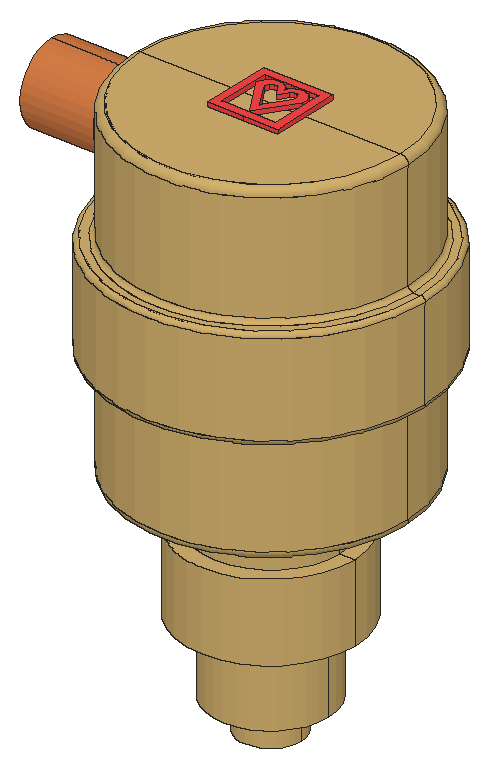
Revit family "Воздухоудалитель с функцией выпуска воздуха с обратным клапаном 2630 11 (12)", category Rohrzubehör, Revit 2019
Family settings
  Bemaßung runder Anschluss = Durchmesser verwenden
  Teiletyp = Normal
  OmniClass-Nummer = 23.65.55.14
  OmniClass-Titel = Valves for Liquid Services
  Arbeitsebenenbasiert = Nein
  Immer vertikal = Ja
  Beim Laden mit Abzugskörper schneiden = Nein
  Gemeinsam genutzt = Nein
Parameters
  Поплавок = "Полипропилен"  # constant formula
  Номер заказа [instance] = if(Nennweite = 10.000 mm, 1263011, if(Nennweite = 15.000 mm, 1263012, 0))  # 1263012
  SW = 11.000 mm  # constant formula
  SCRNSEQ = "AWI;AWI_TYP=\"1013\";1"
  SCRNCODE = "05;14;01"  # constant formula
  S05 = 19.000 mm  # constant formula
  S04 = 16.500 mm  # constant formula
  S03 = 24.500 mm  # constant formula
  S02 = 11.000 mm  # constant formula
  S01 = 56.000 mm  # constant formula
  Обратный клапан = "Латунь CW617N, EN 12165"  # constant formula
  Мин. рабочая температура = 0 °C  # constant formula
  Макс. давление на корпусе = 1000000.0 Pa  # constant formula
  Макс. рабочая температура = 110 °C  # constant formula
  URL = "www.herz-armaturen.ru"
  R02 = 0.600 mm  # constant formula
  R01 = 1.000 mm  # constant formula
  Nennweite [instance] = 15.000 mm
  Среда = "Качество  теплоносителя в соответствии с ÖNORM H5195 и/или предписаниями VDI-Standard 2035.\nРазрешается использование смеси этилен или пропиленгликоля в соотношении 25-50% с водой. Прокладки EPDM могут быть подвержены воздействию минеральных смазочных масел, что может служить причиной выхода из строя данных уплотнений. Пожалуйста, обратитесь к документации производителя, при использовании этиленгликоля и пропиленгликоля в целях защиты от замерзания."
  Макс. рабочее давление = 1000000.0 Pa  # constant formula
  L04 = L02 - L03  # 18.800 mm
  L03 = 9.500 mm  # constant formula
  L02 = 28.300 mm  # constant formula
  L01 = 4.000 mm  # constant formula
  Hersteller = "Herz-Armaturen GmbH"  # constant formula
  H11 = 10.000 mm  # constant formula
  H10 = 2.500 mm  # constant formula
  H09 [instance] = if(Nennweite = 10.000 mm, 30.000 mm, 26.000 mm)  # 26.000 mm
  H08 = H00 - 1.000 mm  # 55.000 mm
  H07 = H00 - 7.500 mm  # 48.500 mm
  H06 = 2.500 mm  # constant formula
  H05 = 9.000 mm  # constant formula
  H04 = 14.500 mm  # constant formula
  H03 = 15.500 mm  # constant formula
  H02 = 13.000 mm  # constant formula
  H01 = 9.500 mm  # constant formula
  H00 = 56.000 mm  # constant formula
  Корпус = "штампованная латунь в соответствии с EN 12165, CW617N"  # constant formula
  G1 [instance] = Nennweite / 2  # 7.500 mm
  G = 5.000 mm  # constant formula
  Уплотнение = "EPDM"  # constant formula
  Крышка корпуса = "штампованная латунь в соответствии с EN 12165, CW617N"  # constant formula
  D08 = 4.000 mm  # constant formula
  D07 = 9.000 mm  # constant formula
  D06 = 3.400 mm  # constant formula
  D05 = 5.100 mm  # constant formula
  D04 = 12.500 mm  # constant formula
  D03 = 11.000 mm  # constant formula
  D02 = 20.000 mm  # constant formula
  D01 = 17.800 mm  # constant formula
  Наружная резьба подключения = "в соответствии с ISO 228"  # constant formula
  Область применения = "Воздухоотводчик используется для удаления воздуха в системах отопления и холодоснабжения. Клапаны должны быть размещены рядом с котлом или же в самых высоких точках системы, чтобы обеспечить удаление воздуха из системы."
  Колпачок = "ABS пластик, цвет красный"  # constant formula
Reference planes
  plane 1 "Mitte (Vorne/hinten)": y = 0
  plane 2: z = 0
  plane 3 "Mitte (Links/rechts)": x = 0
Forms (mm)
  Revolve 1, solid, material "Messing", detail levels fine
    sketch origin (0, 0, 0) x (1, 0, 0) y (0, 0, 1)
      loop
        line (0, 56) -> (-16.8, 56)
        arc (-16.8, 56) -> (-17.507, 55.707) -> (-17.8, 55) r 1
        line (-17.8, 55) -> (-17.8, 41.1)
        arc (-17.8, 41.1) -> (-17.976, 40.676) -> (-18.4, 40.5) r 0.6
        line (-18.4, 40.5) -> (-19.4, 40.5)
        arc (-19.4, 40.5) -> (-19.824, 40.324) -> (-20, 39.9) r 0.6
        line (-20, 39.9) -> (-20, 28.1)
        arc (-20, 28.1) -> (-19.824, 27.676) -> (-19.4, 27.5) r 0.6
        line (-19.4, 27.5) -> (-18.4, 27.5)
        arc (-18.4, 27.5) -> (-17.976, 27.324) -> (-17.8, 26.9) r 0.6
        line (-17.8, 26.9) -> (-17.8, 14)
        arc (-17.8, 14) -> (-17.507, 13.293) -> (-16.8, 13) r 1
        line (-16.8, 13) -> (-13.8, 13) -> (-9, 9.5) -> (-5, 9.5) -> (-5, 0) -> (0, 0) -> (0, 56)
      axis (0, 56) -> (0, 0)
    angle from 0 to 360
  Revolve 2, solid, material "Messing", detail levels fine
    sketch origin (0, 0, 0) x (1, 0, 0) y (0, 0, 1)
      loop
        line (0, 48.5) -> (0, 51.9) -> (-18.8, 51.9) -> (-18.8, 48.5) -> (0, 48.5)
      axis (-18.8, 48.5) -> (0, 48.5)
    angle from 0 to 360
  Revolve 3, solid, material "Kunststoff-Orange", detail levels fine
    sketch origin (0, 0, 0) x (1, 0, 0) y (0, 0, 1)
      loop
        line (-28.3, 48.5) -> (-18.8, 48.5) -> (-18.8, 53.6) -> (-28.3, 53.6) -> (-28.3, 48.5)
      axis (-28.3, 48.5) -> (-18.8, 48.5)
    angle from 0 to 360
  Revolve 4, solid, material "Messing", detail levels fine
    sketch origin (0, 0, 0) x (1, 0, 0) y (0, 0, 1)
      loop
        line (-5, 9.5) -> (-9, 9.5) -> (-9, 7) -> (-11, 7) -> (-11, -3) -> (-7.5, -3) -> (-7.5, -12.5) -> (-4, -12.5) -> (-4, -16.5) -> (0, -16.5) -> (0, 0) -> (-5, 0) -> (-5, 9.5)
      axis (0, 9.5) -> (0, -16.5)
    angle from 0 to 360
Lines and regions (mm)
  model lines, detail levels coarse+medium
    curve 1: line (0, 0, 56) -> (-12.587, 0, 43.413)
    curve 2: line (0, 0, 56) -> (12.587, 0, 43.413)
    curve 3: circle (0, 0, 31.5) r 11 normal (0, -1, 0)
    curve 4: line (0, 0, 42.5) -> (0, 0, 56)
    curve 5: line (0, 0, 20.5) -> (0, 0, 0)
    curve 6: line (-9.5, 0, 0) -> (9.5, 0, 0)
    curve 7: line (9.5, 0, 0) -> (-8.886, 0, -16.5)
    curve 8: line (-8.886, 0, -16.5) -> (10.114, 0, -16.5)
    curve 9: circle (-8.886, 0, -16.5) r 5 normal (0, -1, 0)
    curve 10: line (0, 0, 56) -> (0, -12.587, 43.413)
    curve 11: line (0, 0, 56) -> (0, 12.587, 43.413)
    curve 12: circle (0, 0, 31.5) r 11 normal (1, 0, 0)
    curve 13: line (0, -9.5, 0) -> (0, 9.5, 0)
    curve 14: line (0, 9.5, 0) -> (0, -9.5, -16.5)
    curve 15: line (0, -9.5, -16.5) -> (0, 9.5, -16.5)
    curve 16: circle (0, -9.5, -16.5) r 5 normal (1, 0, 0)
    curve 17: line (0, 56, 0) -> (-12.587, 43.413, 0)
    curve 18: line (-12.587, 43.413, 0) -> (0, 56, 0)
    curve 19: line (0, 56, 0) -> (12.587, 43.413, 0)
    curve 20: circle (0, 31.5, 0) r 11 normal (0, 0, 1)
    curve 21: line (0, 42.5, 0) -> (0, 56, 0)
    curve 22: line (0, 20.5, 0) -> (0, 0, 0)
    curve 23: line (-9.5, 0, 0) -> (9.5, 0, 0)
    curve 24: line (9.5, 0, 0) -> (-9.5, -16.5, 0)
    curve 25: line (-9.5, -16.5, 0) -> (9.5, -16.5, 0)
    curve 26: circle (-9.5, -16.5, 0) r 5 normal (0, 0, 1)
Dimensions and locks
  "H02": Revolve 1 sketch curve to Revolve 1 sketch curve
  "H03": Revolve 1 sketch curve to Revolve 1 sketch curve
  "H04": Revolve 1 sketch curve to Revolve 1 sketch curve
  "L01": Revolve 1 sketch curve to Revolve 1 sketch curve  (x2)
  "D01": Revolve 1 sketch curve to Revolve 1 sketch curve  (x2)
  "D02": Revolve 1 sketch curve to Revolve 1 sketch curve
  "H07": Revolve 2 sketch curve to plane 2
  "D06": Revolve 2 sketch curve to Revolve 2 sketch curve
  "L02": plane 3 "Mitte (Links/rechts)" to Revolve 3 sketch curve
  "L03": Revolve 3 sketch curve to Revolve 3 sketch curve
  "D05": Revolve 3 sketch curve to Revolve 3 sketch curve
  "H07": Revolve 3 sketch curve to plane 2
  "L04": plane 3 "Mitte (Links/rechts)" to Revolve 2 sketch curve
  "H08": nested 1 to plane 2
  "G": Revolve 1 sketch curve to Revolve 1 sketch curve
  "H00": Revolve 1 sketch curve to Revolve 1 sketch curve
  "H01": Revolve 1 sketch curve to Revolve 1 sketch curve
  "G1": Revolve 4 sketch curve to Revolve 4 sketch curve
  "D07": Revolve 4 sketch curve to Revolve 4 sketch curve
  "D08": Revolve 4 sketch curve to Revolve 4 sketch curve
  "H09": Revolve 4 sketch curve to Revolve 4 sketch curve
  "H01": Revolve 4 sketch curve to Revolve 4 sketch curve  (x2)
  "H10": Revolve 4 sketch curve to Revolve 4 sketch curve
  "H11": Revolve 4 sketch curve to Revolve 4 sketch curve
  "SW": Revolve 4 sketch curve to Revolve 4 sketch curve
  "G": Revolve 4 sketch curve to Revolve 4 sketch curve
  "S01": curve 4 to plane 2
  "D01": curve 1 to curve 1
  "D01": curve 2 to curve 2
  "S03": curve 4 to curve 3
  "S05": curve 6 to curve 7
  "S05": curve 8 to curve 8
  "S04": curve 6 to curve 8
  "S01": curve 11 to plane 2
  "D01": curve 10 to curve 10
  "D01": curve 11 to curve 11
  "S03": curve 11 to curve 12
  "S04": curve 15 to curve 13
  "S05": curve 13 to curve 14
  "S05": curve 15 to curve 15
  "S01": plane 1 "Mitte (Vorne/hinten)" to curve 19
  "S03": curve 19 to curve 20
  "D01": curve 18 to curve 18
  "D01": curve 19 to curve 19
  "S05": curve 23 to curve 24
  "S05": curve 25 to curve 24
  "S04": curve 25 to curve 23
  "R01": radius of Revolve 1 sketch curve  (x2)
  "R02": radius of Revolve 1 sketch curve  (x4)
  "S02": radius of curve 3
  "S02": radius of curve 12
  "S02": radius of curve 20
  angle curve 1 to curve 4 = 45.00°
  angle curve 4 to curve 2 = 45.00°
  angle curve 10 to plane 1 "Mitte (Vorne/hinten)" = 45.00°
  angle plane 1 "Mitte (Vorne/hinten)" to curve 11 = 45.00°
  angle curve 18 to curve 21 = 45.00°
  angle curve 21 to curve 19 = 45.00°
  aligned and locked: level to plane 2
Automatic sketch dimensions
  curve 13 to level = 0.000 mm
  curve 10 to plane 1 "Mitte (Vorne/hinten)" = 0.000 mm
  curve 12 to plane 1 "Mitte (Vorne/hinten)" = 0.000 mm
  plane 1 "Mitte (Vorne/hinten)" to curve 14 = 9.500 mm
  curve 16 to curve 14 = 0.000 mm  (x2)
  curve 13 to plane 1 "Mitte (Vorne/hinten)" = 9.500 mm
  curve 6 to level = 0.000 mm
  curve 4 to plane 3 "Mitte (Links/rechts)" = 0.000 mm
  curve 5 to plane 3 "Mitte (Links/rechts)" = 0.000 mm
  curve 3 to plane 3 "Mitte (Links/rechts)" = 0.000 mm
  curve 9 to plane 3 "Mitte (Links/rechts)" = 8.886 mm
  curve 8 to curve 9 = 0.000 mm
  plane 3 "Mitte (Links/rechts)" to curve 6 = 9.500 mm
  curve 9 to curve 7 = 0.000 mm
  plane 1 "Mitte (Vorne/hinten)" to curve 23 = 0.000 mm
  curve 21 to plane 3 "Mitte (Links/rechts)" = 0.000 mm
  curve 22 to plane 3 "Mitte (Links/rechts)" = 0.000 mm
  curve 20 to plane 3 "Mitte (Links/rechts)" = 0.000 mm
  curve 26 to plane 3 "Mitte (Links/rechts)" = 9.500 mm
  curve 24 to curve 26 = 0.000 mm
  curve 22 to curve 23 = 9.500 mm
  curve 26 to curve 24 = 0.000 mm
  Revolve 1 sketch curve to level = 0.000 mm
  Revolve 1 sketch curve to plane 3 "Mitte (Links/rechts)" = 0.000 mm
  plane 3 "Mitte (Links/rechts)" to Revolve 1 sketch curve = 0.000 mm
  Revolve 1 sketch curve to Revolve 1 sketch curve = 2000.000 mm
  Revolve 1 sketch curve to Revolve 1 sketch curve = 1932.500 mm
  Revolve 2 sketch curve to plane 3 "Mitte (Links/rechts)" = 0.000 mm  (x2)
  Revolve 2 sketch curve to Revolve 2 sketch curve = 0.000 mm  (x2)
  Revolve 3 sketch curve to Revolve 3 sketch curve = 0.000 mm  (x3)
  Revolve 4 sketch curve to level = 0.000 mm
  Revolve 4 sketch curve to plane 3 "Mitte (Links/rechts)" = 0.000 mm  (x2)
  Revolve 4 sketch curve to Revolve 4 sketch curve = 340.545 mm
  Revolve 4 sketch curve to Revolve 4 sketch curve = 2204.815 mm
  radius of curve 16 = 5.000 mm
  radius of curve 9 = 5.000 mm
  radius of curve 26 = 5.000 mm
Nested families
  nested 1: "Herz-Logo" at (0, 0, 55), type "Herz-Logo", detail levels fine
Connectors
  piping at (0, 0, -12.5), diameter 15, driven by "Nennweite"
    settings: on Revolve 4, index 1, connector inside diameter 609.6 mm, connector length 0.000 mm, flow factor 0, pipe flow 0.0 L/s, pressure drop 0.0 Pa, fitting loss kfactor 0, connector angle 0.00°, fixture units 0, engagement length 0.000 mm, angle of deflection 0.00°, flow configuration 0, flow direction 0, fitting loss method 0, system type 7, joint type 0, gender type 0, connector reference index -1, connector utility 0, adjustable connector no, is connector primary yes, connector description ""
Definition of nested family "Herz-Logo"
  Reference planes
    plane 1 "Mitte (Vorne/hinten)": y = 0
    plane 2: z = 0
    plane 3 "Mitte (Links/rechts)": x = 0
  Forms (mm)
    Extrusion 1, solid
      sketch origin (0, 0, 0) x (1, 0, 0) y (0, 1, 0)
        loop
          line (-0.018, -4.517) -> (4.482, -4.517) -> (4.482, 4.483) -> (-4.518, 4.483) -> (-4.518, -4.517) -> (-0.018, -4.517)
        loop
          line (-0.05, -3.48) -> (3.482, -3.48) -> (3.482, 3.483) -> (-3.518, 3.483) -> (-3.518, -3.48) -> (-0.05, -3.48)
        loop
          arc (-0.018, 2.383) -> (-1.543, 3.287) -> (-3.067, 2.383) r 1.738
          arc (-3.067, 2.383) -> (-3.191, 1.899) -> (-3.067, 1.415) r 1.009
          line (-3.067, 1.415) -> (-0.018, -3.281) -> (3.032, 1.415)
          arc (3.032, 1.415) -> (3.156, 1.899) -> (3.032, 2.383) r 1.009
          arc (3.032, 2.383) -> (1.507, 3.287) -> (-0.018, 2.383) r 1.738
        loop
          arc (1.885, 1.272) -> (2.005, 1.675) -> (1.885, 2.079) r 0.74
          arc (1.885, 2.079) -> (1.265, 2.416) -> (0.644, 2.079) r 0.74
          line (0.644, 2.079) -> (-0.018, 0.97) -> (-0.679, 2.079)
          arc (-0.679, 2.079) -> (-1.3, 2.416) -> (-1.921, 2.079) r 0.74
          arc (-1.921, 2.079) -> (-2.04, 1.675) -> (-1.921, 1.272) r 0.74
          line (-1.921, 1.272) -> (-0.018, -1.658) -> (1.885, 1.272)
      from 0 to 1.5
  Dimensions and locks
    aligned and locked: level to plane 2
